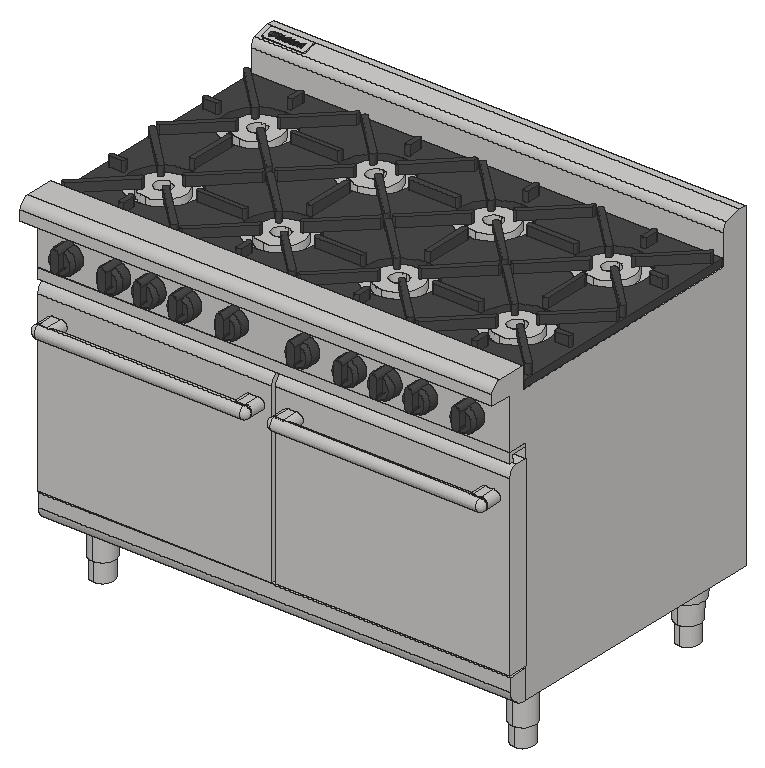
Revit family "QF_MOFFAT WALDORF_RNL8820G", category Specialty Equipment, Revit 2012
Parameters
  Width = 47.24409"
  Weight in Pounds = 302
  URL Cutsheet = "www.moffat.com"
  URL = "www.moffat.com"
  Type Mark [instance] = ""
  Status [instance] = ""
  Specification by User [instance] = ""
  Specification by Manufacturer = ""
  Show Logo [instance] = yes
  Show Clearance [instance] = yes
  Serial Number = ""
  Seismic Rating = ""
  SMACNA No = ""
  Revision Code [instance] = ""
  Omniclass Number and Title = ""
  NAFEM Spec ID Number = ""
  Model = "RNL8820G"
  Mechanical Remarks = ""
  Mechanical Connection Type [instance] = ""
  Masterspec = ""
  Manufacturer = "MOFFAT WALDORF"
  Item Number [instance] = ""
  Installed By [instance] = ""
  Identify Quantity as Lot [instance] = yes
  Height = 38.18898"
  Gas Size = 3/4"
  Gas RI Height [instance] = 0"
  Gas KW [instance] = 75.5
  Gas Input [instance] = 257806.0 Btu/h
  Gas Connection Height = 0"
  Furnished By [instance] = ""
  Foodservice Equipment Identifier [instance] = yes
  Description = "RANGE GAS LOW SPLASHBACK WITH DOUBLE STATIC OVENS"
  Depth = 31.69291"
  CSI MasterFormat = ""
  CSI Master Format = ""
  Body Finish = QF_Finishes_Stainless Steel
Reference planes (in)
  plane 1 "BACK": y = 0
  plane 2: z = 0
  plane 3 "LEFT": x = 0
  plane 4 "RIGHT": x = 47.24409
  plane 5 "FRONT": y = -31.69291
  plane 6 "TOP": z = 38.18898
  plane 7 "Center Y": x = 23.62205
  plane 8 "Center X": y = -15.84646
  plane 9: x = 11.02362
  plane 10: y = -22.60914
  plane 11: x = 2.3622
  plane 12: y = -12.00678
  plane 13: y = -14.36899
  plane 14: x = 2.91339
  plane 15: y = -31.69291
  plane 16: x = 44.66535
  plane 17: y = -1.25984
  plane 18: z = 25.7874
  plane 19: x = 2.57874
  plane 20: x = 2.59055
Forms (in)
  Extrusion 1, solid, material "QF_Finishes_Stainless Steel" <- "Body Finish"
    sketch origin (0, 0, 0) x (0, 1, 0) y (0, 0, 1)
      loop
        line (0, 5.90551) -> (0, 38.18898) -> (-0.64961, 38.18898) -> (-2.31138, 37.74371)
        arc (-2.31138, 37.74371) -> (-2.63679, 37.41829) -> (-2.75591, 36.97376) r 0.88906
        line (-2.75591, 36.97376) -> (-2.75591, 33.92913) -> (-27.91339, 33.92913) -> (-27.91339, 36.02362) -> (-30.74803, 36.02362)
        arc (-30.74803, 36.02362) -> (-31.41616, 35.74687) -> (-31.69291, 35.07874) r 0.94488
        line (-31.69291, 35.07874) -> (-31.69291, 34.09449) -> (-29.48819, 34.09449) -> (-29.48819, 28.98499) -> (-27.43033, 28.98499) -> (-27.43033, 5.90551) -> (0, 5.90551)
      loop
        line (-27.59568, 5.90832) -> (-27.59568, 8.75984) -> (-29.39883, 8.75984) -> (-29.39883, 7.40157)
        arc (-29.39883, 7.40157) -> (-28.79202, 6.29901) -> (-27.59568, 5.90832) r 1.71361
      loop
        line (-29.48819, 27.95276) -> (-29.14268, 27.95276) -> (-29.23674, 28.62202) -> (-27.59568, 28.62202) -> (-27.59568, 28.89776) -> (-29.48819, 28.89776) -> (-29.48819, 27.95276)
    from 0 to 47.24409
  Extrusion 2, solid, material "QF_Finishes_Stainless Steel"
    sketch origin (0, 0, 0) x (0, 1, 0) y (0, 0, 1)
      loop
        line (-27.51969, 27.55906) -> (-28.54331, 27.55906)
        arc (-28.54331, 27.55906) -> (-29.21144, 27.28231) -> (-29.48819, 26.61417) r 0.94488
        line (-29.48819, 26.61417) -> (-29.48819, 8.95669) -> (-27.51969, 8.95669) -> (-27.51969, 27.55906)
    from 0 to 47.24409
  Revolve 3, solid, material "QF_Finishes_Stainless Steel" <- "Body Finish"
    sketch origin (44.66535, -6.49606, 0) x (0, 1, 0) y (0, 0, -1)
      loop
        line (1.30906, -1.9685) -> (1.23692, -4.03417) -> (1.03959, -4.03417) -> (0.87587, -5.90551) -> (2.55906, -5.90551) -> (2.55906, 0) -> (1.47638, 0) -> (1.47638, -1.9685) -> (1.30906, -1.9685)
      axis (2.55906, -5.90551) -> (2.55906, 0)
    angle from 0 to 360
  Revolve 4, solid, material "QF_Finishes_Stainless Steel" <- "Body Finish"
    sketch origin (44.66535, -27.40652, 0) x (0, 1, 0) y (0, 0, -1)
      loop
        line (1.55022, -5.90551) -> (2.80022, -5.90551) -> (2.80022, 0) -> (1.71754, 0) -> (1.71754, -1.9685) -> (1.55022, -1.9685) -> (1.55022, -5.90551)
      axis (2.80022, -5.90551) -> (2.80022, 0)
    angle from 0 to 360
  Revolve 5, solid, material "QF_Finishes_Stainless Steel" <- "Body Finish"
    sketch origin (2.57874, -6.49606, 0) x (0, 1, 0) y (0, 0, 1)
      loop
        line (1.23692, 4.03417) -> (1.30906, 1.9685) -> (1.47638, 1.9685) -> (1.47638, 0) -> (2.55906, 0) -> (2.55906, 5.90551) -> (0.87587, 5.90551) -> (1.03959, 4.03417) -> (1.23692, 4.03417)
      axis (2.55906, 5.90551) -> (2.55906, 0)
    angle from 0 to 360
  Revolve 6, solid, material "QF_Finishes_Stainless Steel" <- "Body Finish"
    sketch origin (2.57874, -27.40652, 0) x (0, 1, 0) y (0, 0, 1)
      loop
        line (1.55022, 5.90551) -> (1.55022, 1.9685) -> (1.71754, 1.9685) -> (1.71754, 0) -> (2.80022, 0) -> (2.80022, 5.90551) -> (1.55022, 5.90551)
      axis (2.80022, 5.90551) -> (2.80022, 0)
    angle from 0 to 360
  Extrusion 7, solid, material "QF_Finishes_Stainless Steel"
    sketch origin (-2.53937, 0, 12.79528) x (1, 0, 0) y (0, 1, 0)
      loop
        circle (44.66535, -1.25984) r 0.3937
    from 12.99213 to 14.75813
  Extrusion 8, solid, material "QF_Finishes_Black"
    sketch origin (0, -2.75591, 33.92913) x (0, -1, 0) y (1, 0, 0)
      loop
        arc (0.03937, 0.15748) -> (0.07396, 0.07396) -> (0.15748, 0.03937) r 0.11811
        line (0.15748, 0.03937) -> (24.84252, 0.03937)
        arc (24.84252, 0.03937) -> (24.92604, 0.07396) -> (24.96063, 0.15748) r 0.11811
        line (24.96063, 0.15748) -> (24.96063, 47.12598)
        arc (24.96063, 47.12598) -> (24.92604, 47.2095) -> (24.84252, 47.24409) r 0.11811
        line (24.84252, 47.24409) -> (0.15748, 47.24409)
        arc (0.15748, 47.24409) -> (0.07396, 47.2095) -> (0.03937, 47.12598) r 0.11811
        line (0.03937, 47.12598) -> (0.03937, 0.15748)
      loop
        circle (6.59449, 5.90551) r 3.34646
      loop
        circle (6.59449, 17.71654) r 3.34646
      loop
        circle (18.41606, 5.90551) r 3.34646
      loop
        circle (18.41606, 17.71654) r 3.34646
      loop
        circle (6.59449, 29.52756) r 3.34646
      loop
        circle (18.41606, 29.52756) r 3.34646
      loop
        circle (6.59449, 41.33858) r 3.34646
      loop
        circle (18.41606, 41.33858) r 3.34646
    from 0 to 0.76772
  Extrusion 9, solid, material "QF_Finishes_Black"
    sketch origin (0, -2.75591, 34.69685) x (0, -1, 0) y (1, 0, 0)
      loop
        spline (12.74025, 0.59659) -> (12.70398, 0.54818) -> (12.68233, 0.49093) -> (12.67677, 0.42874) -> (12.68767, 0.36584) -> (12.7143, 0.30653) -> (12.75484, 0.25484) -> (12.80653, 0.2143) -> (12.86584, 0.18767) -> (12.92874, 0.17677) -> (12.99093, 0.18233) -> (13.04818, 0.20398) -> (13.09659, 0.24025)
        line (13.09659, 0.24025) -> (17.34552, 4.48918)
        spline (17.34552, 4.48918) -> (17.37548, 4.53128) -> (17.39125, 4.58265) -> (17.39176, 4.63979) -> (17.37698, 4.69881) -> (17.34792, 4.75569) -> (17.30655, 4.80655) -> (17.25569, 4.84792) -> (17.19881, 4.87698) -> (17.13979, 4.89176) -> (17.08265, 4.89125) -> (17.03128, 4.87548) -> (16.98918, 4.84552)
        line (16.98918, 4.84552) -> (12.74025, 0.59659)
      loop
        line (24.07078, 0.59659) -> (19.82184, 4.84552)
        spline (19.82184, 4.84552) -> (19.77974, 4.87548) -> (19.72837, 4.89125) -> (19.67123, 4.89176) -> (19.61221, 4.87698) -> (19.55533, 4.84792) -> (19.50448, 4.80655) -> (19.46311, 4.75569) -> (19.43404, 4.69881) -> (19.41926, 4.63979) -> (19.41977, 4.58265) -> (19.43555, 4.53128) -> (19.4655, 4.48918)
        line (19.4655, 4.48918) -> (23.71444, 0.24025)
        spline (23.71444, 0.24025) -> (23.75654, 0.21029) -> (23.80791, 0.19452) -> (23.86505, 0.19401) -> (23.92407, 0.20879) -> (23.98094, 0.23785) -> (24.0318, 0.27922) -> (24.07317, 0.33008) -> (24.10224, 0.38696) -> (24.11702, 0.44598) -> (24.1165, 0.50312) -> (24.10073, 0.55449) -> (24.07078, 0.59659)
      loop
        spline (14.78748, 5.65354) -> (14.83843, 5.66213) -> (14.88591, 5.6873) -> (14.92668, 5.72734) -> (14.95796, 5.77953) -> (14.97763, 5.8403) -> (14.98433, 5.90551) -> (14.97763, 5.97073) -> (14.95796, 6.0315) -> (14.92668, 6.08368) -> (14.88591, 6.12372) -> (14.83843, 6.14889) -> (14.78748, 6.15748)
        line (14.78748, 6.15748) -> (10.21252, 6.15748)
        spline (10.21252, 6.15748) -> (10.16157, 6.14889) -> (10.11409, 6.12372) -> (10.07332, 6.08368) -> (10.04204, 6.0315) -> (10.02237, 5.97073) -> (10.01567, 5.90551) -> (10.02237, 5.8403) -> (10.04204, 5.77953) -> (10.07332, 5.72734) -> (10.11409, 5.6873) -> (10.16157, 5.66213) -> (10.21252, 5.65354)
        line (10.21252, 5.65354) -> (14.78748, 5.65354)
      loop
        spline (0.92922, 0.59659) -> (0.89296, 0.54818) -> (0.87131, 0.49093) -> (0.86575, 0.42874) -> (0.87665, 0.36584) -> (0.90328, 0.30653) -> (0.94382, 0.25484) -> (0.99551, 0.2143) -> (1.05482, 0.18767) -> (1.11771, 0.17677) -> (1.17991, 0.18233) -> (1.23716, 0.20398) -> (1.28556, 0.24025)
        line (1.28556, 0.24025) -> (5.5345, 4.48918)
        spline (5.5345, 4.48918) -> (5.56445, 4.53128) -> (5.58023, 4.58265) -> (5.58074, 4.63979) -> (5.56596, 4.69881) -> (5.53689, 4.75569) -> (5.49552, 4.80655) -> (5.44467, 4.84792) -> (5.38779, 4.87698) -> (5.32877, 4.89176) -> (5.27163, 4.89125) -> (5.22026, 4.87548) -> (5.17816, 4.84552)
        line (5.17816, 4.84552) -> (0.92922, 0.59659)
      loop
        line (12.25975, 0.59659) -> (8.01082, 4.84552)
        spline (8.01082, 4.84552) -> (7.96872, 4.87548) -> (7.91735, 4.89125) -> (7.86021, 4.89176) -> (7.80119, 4.87698) -> (7.74431, 4.84792) -> (7.69345, 4.80655) -> (7.65208, 4.75569) -> (7.62302, 4.69881) -> (7.60824, 4.63979) -> (7.60875, 4.58265) -> (7.62452, 4.53128) -> (7.65448, 4.48918)
        line (7.65448, 4.48918) -> (11.90341, 0.24025)
        spline (11.90341, 0.24025) -> (11.94551, 0.21029) -> (11.99688, 0.19452) -> (12.05402, 0.19401) -> (12.11304, 0.20879) -> (12.16992, 0.23785) -> (12.22078, 0.27922) -> (12.26215, 0.33008) -> (12.29121, 0.38696) -> (12.30599, 0.44598) -> (12.30548, 0.50312) -> (12.28971, 0.55449) -> (12.25975, 0.59659)
      loop
        line (12.74025, 11.21444) -> (16.98918, 6.9655)
        spline (16.98918, 6.9655) -> (17.03128, 6.93555) -> (17.08265, 6.91977) -> (17.13979, 6.91926) -> (17.19881, 6.93404) -> (17.25569, 6.96311) -> (17.30655, 7.00448) -> (17.34792, 7.05533) -> (17.37698, 7.11221) -> (17.39176, 7.17123) -> (17.39125, 7.22837) -> (17.37548, 7.27974) -> (17.34552, 7.32184)
        line (17.34552, 7.32184) -> (13.09659, 11.57078)
        spline (13.09659, 11.57078) -> (13.04818, 11.60704) -> (12.99093, 11.62869) -> (12.92874, 11.63425) -> (12.86584, 11.62335) -> (12.80653, 11.59672) -> (12.75484, 11.55618) -> (12.7143, 11.50449) -> (12.68767, 11.44518) -> (12.67677, 11.38229) -> (12.68233, 11.32009) -> (12.70398, 11.26284) -> (12.74025, 11.21444)
      loop
        spline (24.07078, 11.21444) -> (24.10073, 11.25654) -> (24.1165, 11.30791) -> (24.11702, 11.36505) -> (24.10224, 11.42407) -> (24.07317, 11.48094) -> (24.0318, 11.5318) -> (23.98094, 11.57317) -> (23.92407, 11.60224) -> (23.86505, 11.61702) -> (23.80791, 11.6165) -> (23.75654, 11.60073) -> (23.71444, 11.57078)
        line (23.71444, 11.57078) -> (19.4655, 7.32184)
        spline (19.4655, 7.32184) -> (19.43555, 7.27974) -> (19.41977, 7.22837) -> (19.41926, 7.17123) -> (19.43404, 7.11221) -> (19.46311, 7.05533) -> (19.50448, 7.00448) -> (19.55533, 6.96311) -> (19.61221, 6.93404) -> (19.67123, 6.91926) -> (19.72837, 6.91977) -> (19.77974, 6.93555) -> (19.82184, 6.9655)
        line (19.82184, 6.9655) -> (24.07078, 11.21444)
      loop
        spline (18.15354, 9.52354) -> (18.16213, 9.47259) -> (18.1873, 9.42512) -> (18.22734, 9.38435) -> (18.27953, 9.35306) -> (18.3403, 9.3334) -> (18.40551, 9.32669) -> (18.47073, 9.3334) -> (18.5315, 9.35306) -> (18.58368, 9.38435) -> (18.62372, 9.42512) -> (18.64889, 9.47259) -> (18.65748, 9.52354)
        line (18.65748, 9.52354) -> (18.65748, 14.09851)
        spline (18.65748, 14.09851) -> (18.64889, 14.14946) -> (18.62372, 14.19693) -> (18.58368, 14.2377) -> (18.5315, 14.26898) -> (18.47073, 14.28865) -> (18.40551, 14.29536) -> (18.3403, 14.28865) -> (18.27953, 14.26898) -> (18.22734, 14.2377) -> (18.1873, 14.19693) -> (18.16213, 14.14946) -> (18.15354, 14.09851)
        line (18.15354, 14.09851) -> (18.15354, 9.52354)
      loop
        line (0.92922, 11.21444) -> (5.17816, 6.9655)
        spline (5.17816, 6.9655) -> (5.22026, 6.93555) -> (5.27163, 6.91977) -> (5.32877, 6.91926) -> (5.38779, 6.93404) -> (5.44467, 6.96311) -> (5.49552, 7.00448) -> (5.53689, 7.05533) -> (5.56596, 7.11221) -> (5.58074, 7.17123) -> (5.58023, 7.22837) -> (5.56445, 7.27974) -> (5.5345, 7.32184)
        line (5.5345, 7.32184) -> (1.28556, 11.57078)
        spline (1.28556, 11.57078) -> (1.23716, 11.60704) -> (1.17991, 11.62869) -> (1.11771, 11.63425) -> (1.05482, 11.62335) -> (0.99551, 11.59672) -> (0.94382, 11.55618) -> (0.90328, 11.50449) -> (0.87665, 11.44518) -> (0.86575, 11.38229) -> (0.87131, 11.32009) -> (0.89296, 11.26284) -> (0.92922, 11.21444)
      loop
        spline (12.25975, 11.21444) -> (12.28971, 11.25654) -> (12.30548, 11.30791) -> (12.30599, 11.36505) -> (12.29121, 11.42407) -> (12.26215, 11.48094) -> (12.22078, 11.5318) -> (12.16992, 11.57317) -> (12.11304, 11.60224) -> (12.05402, 11.61702) -> (11.99688, 11.6165) -> (11.94551, 11.60073) -> (11.90341, 11.57078)
        line (11.90341, 11.57078) -> (7.65448, 7.32184)
        spline (7.65448, 7.32184) -> (7.62452, 7.27974) -> (7.60875, 7.22837) -> (7.60824, 7.17123) -> (7.62302, 7.11221) -> (7.65208, 7.05533) -> (7.69345, 7.00448) -> (7.74431, 6.96311) -> (7.80119, 6.93404) -> (7.86021, 6.91926) -> (7.91735, 6.91977) -> (7.96872, 6.93555) -> (8.01082, 6.9655)
        line (8.01082, 6.9655) -> (12.25975, 11.21444)
      loop
        spline (6.34252, 9.52354) -> (6.35111, 9.47259) -> (6.37628, 9.42512) -> (6.41632, 9.38435) -> (6.4685, 9.35306) -> (6.52927, 9.3334) -> (6.59449, 9.32669) -> (6.6597, 9.3334) -> (6.72047, 9.35306) -> (6.77266, 9.38435) -> (6.8127, 9.42512) -> (6.83787, 9.47259) -> (6.84646, 9.52354)
        line (6.84646, 9.52354) -> (6.84646, 14.09851)
        spline (6.84646, 14.09851) -> (6.83787, 14.14946) -> (6.8127, 14.19693) -> (6.77266, 14.2377) -> (6.72047, 14.26898) -> (6.6597, 14.28865) -> (6.59449, 14.29536) -> (6.52927, 14.28865) -> (6.4685, 14.26898) -> (6.41632, 14.2377) -> (6.37628, 14.19693) -> (6.35111, 14.14946) -> (6.34252, 14.09851)
        line (6.34252, 14.09851) -> (6.34252, 9.52354)
      loop
        line (14.78748, 17.9685) -> (10.21252, 17.9685)
        spline (10.21252, 17.9685) -> (10.16157, 17.95992) -> (10.11409, 17.93475) -> (10.07332, 17.8947) -> (10.04204, 17.84252) -> (10.02237, 17.78175) -> (10.01567, 17.71654) -> (10.02237, 17.65132) -> (10.04204, 17.59055) -> (10.07332, 17.53837) -> (10.11409, 17.49832) -> (10.16157, 17.47315) -> (10.21252, 17.46457)
        line (10.21252, 17.46457) -> (14.78748, 17.46457)
        spline (14.78748, 17.46457) -> (14.83843, 17.47315) -> (14.88591, 17.49832) -> (14.92668, 17.53837) -> (14.95796, 17.59055) -> (14.97763, 17.65132) -> (14.98433, 17.71654) -> (14.97763, 17.78175) -> (14.95796, 17.84252) -> (14.92668, 17.8947) -> (14.88591, 17.93475) -> (14.83843, 17.95992) -> (14.78748, 17.9685)
      loop
        spline (12.74025, 12.40761) -> (12.70398, 12.3592) -> (12.68233, 12.30195) -> (12.67677, 12.23976) -> (12.68767, 12.17687) -> (12.7143, 12.11755) -> (12.75484, 12.06587) -> (12.80653, 12.02533) -> (12.86584, 11.9987) -> (12.92874, 11.98779) -> (12.99093, 11.99336) -> (13.04818, 12.01501) -> (13.09659, 12.05127)
        line (13.09659, 12.05127) -> (17.34552, 16.30021)
        spline (17.34552, 16.30021) -> (17.37548, 16.34231) -> (17.39125, 16.39368) -> (17.39176, 16.45082) -> (17.37698, 16.50984) -> (17.34792, 16.56671) -> (17.30655, 16.61757) -> (17.25569, 16.65894) -> (17.19881, 16.68801) -> (17.13979, 16.70279) -> (17.08265, 16.70227) -> (17.03128, 16.6865) -> (16.98918, 16.65655)
        line (16.98918, 16.65655) -> (12.74025, 12.40761)
      loop
        line (24.07078, 12.40761) -> (19.82184, 16.65655)
        spline (19.82184, 16.65655) -> (19.77974, 16.6865) -> (19.72837, 16.70227) -> (19.67123, 16.70279) -> (19.61221, 16.68801) -> (19.55533, 16.65894) -> (19.50448, 16.61757) -> (19.46311, 16.56671) -> (19.43404, 16.50984) -> (19.41926, 16.45082) -> (19.41977, 16.39368) -> (19.43555, 16.34231) -> (19.4655, 16.30021)
        line (19.4655, 16.30021) -> (23.71444, 12.05127)
        spline (23.71444, 12.05127) -> (23.75654, 12.02132) -> (23.80791, 12.00554) -> (23.86505, 12.00503) -> (23.92407, 12.01981) -> (23.98094, 12.04888) -> (24.0318, 12.09025) -> (24.07317, 12.1411) -> (24.10224, 12.19798) -> (24.11702, 12.257) -> (24.1165, 12.31414) -> (24.10073, 12.36551) -> (24.07078, 12.40761)
      loop
        spline (0.92922, 12.40761) -> (0.89296, 12.3592) -> (0.87131, 12.30195) -> (0.86575, 12.23976) -> (0.87665, 12.17687) -> (0.90328, 12.11755) -> (0.94382, 12.06587) -> (0.99551, 12.02533) -> (1.05482, 11.9987) -> (1.11771, 11.98779) -> (1.17991, 11.99336) -> (1.23716, 12.01501) -> (1.28556, 12.05127)
        line (1.28556, 12.05127) -> (5.5345, 16.30021)
        spline (5.5345, 16.30021) -> (5.56445, 16.34231) -> (5.58023, 16.39368) -> (5.58074, 16.45082) -> (5.56596, 16.50984) -> (5.53689, 16.56671) -> (5.49552, 16.61757) -> (5.44467, 16.65894) -> (5.38779, 16.68801) -> (5.32877, 16.70279) -> (5.27163, 16.70227) -> (5.22026, 16.6865) -> (5.17816, 16.65655)
        line (5.17816, 16.65655) -> (0.92922, 12.40761)
      loop
        line (12.25975, 12.40761) -> (8.01082, 16.65655)
        spline (8.01082, 16.65655) -> (7.96872, 16.6865) -> (7.91735, 16.70227) -> (7.86021, 16.70279) -> (7.80119, 16.68801) -> (7.74431, 16.65894) -> (7.69345, 16.61757) -> (7.65208, 16.56671) -> (7.62302, 16.50984) -> (7.60824, 16.45082) -> (7.60875, 16.39368) -> (7.62452, 16.34231) -> (7.65448, 16.30021)
        line (7.65448, 16.30021) -> (11.90341, 12.05127)
        spline (11.90341, 12.05127) -> (11.94551, 12.02132) -> (11.99688, 12.00554) -> (12.05402, 12.00503) -> (12.11304, 12.01981) -> (12.16992, 12.04888) -> (12.22078, 12.09025) -> (12.26215, 12.1411) -> (12.29121, 12.19798) -> (12.30599, 12.257) -> (12.30548, 12.31414) -> (12.28971, 12.36551) -> (12.25975, 12.40761)
      loop
        line (12.74025, 23.02546) -> (16.98918, 18.77653)
        spline (16.98918, 18.77653) -> (17.03128, 18.74657) -> (17.08265, 18.7308) -> (17.13979, 18.73028) -> (17.19881, 18.74506) -> (17.25569, 18.77413) -> (17.30655, 18.8155) -> (17.34792, 18.86636) -> (17.37698, 18.92323) -> (17.39176, 18.98225) -> (17.39125, 19.0394) -> (17.37548, 19.09077) -> (17.34552, 19.13286)
        line (17.34552, 19.13286) -> (13.09659, 23.3818)
        spline (13.09659, 23.3818) -> (13.04818, 23.41806) -> (12.99093, 23.43972) -> (12.92874, 23.44528) -> (12.86584, 23.43437) -> (12.80653, 23.40774) -> (12.75484, 23.3672) -> (12.7143, 23.31552) -> (12.68767, 23.2562) -> (12.67677, 23.19331) -> (12.68233, 23.13112) -> (12.70398, 23.07387) -> (12.74025, 23.02546)
      loop
        spline (24.07078, 23.02546) -> (24.10073, 23.06756) -> (24.1165, 23.11893) -> (24.11702, 23.17607) -> (24.10224, 23.23509) -> (24.07317, 23.29197) -> (24.0318, 23.34282) -> (23.98094, 23.3842) -> (23.92407, 23.41326) -> (23.86505, 23.42804) -> (23.80791, 23.42753) -> (23.75654, 23.41175) -> (23.71444, 23.3818)
        line (23.71444, 23.3818) -> (19.4655, 19.13286)
        spline (19.4655, 19.13286) -> (19.43555, 19.09077) -> (19.41977, 19.0394) -> (19.41926, 18.98225) -> (19.43404, 18.92323) -> (19.46311, 18.86636) -> (19.50448, 18.8155) -> (19.55533, 18.77413) -> (19.61221, 18.74506) -> (19.67123, 18.73028) -> (19.72837, 18.7308) -> (19.77974, 18.74657) -> (19.82184, 18.77653)
        line (19.82184, 18.77653) -> (24.07078, 23.02546)
      loop
        line (0.92922, 23.02546) -> (5.17816, 18.77653)
        spline (5.17816, 18.77653) -> (5.22026, 18.74657) -> (5.27163, 18.7308) -> (5.32877, 18.73028) -> (5.38779, 18.74506) -> (5.44467, 18.77413) -> (5.49552, 18.8155) -> (5.53689, 18.86636) -> (5.56596, 18.92323) -> (5.58074, 18.98225) -> (5.58023, 19.0394) -> (5.56445, 19.09077) -> (5.5345, 19.13286)
        line (5.5345, 19.13286) -> (1.28556, 23.3818)
        spline (1.28556, 23.3818) -> (1.23716, 23.41806) -> (1.17991, 23.43972) -> (1.11771, 23.44528) -> (1.05482, 23.43437) -> (0.99551, 23.40774) -> (0.94382, 23.3672) -> (0.90328, 23.31552) -> (0.87665, 23.2562) -> (0.86575, 23.19331) -> (0.87131, 23.13112) -> (0.89296, 23.07387) -> (0.92922, 23.02546)
      loop
        spline (12.25975, 23.02546) -> (12.28971, 23.06756) -> (12.30548, 23.11893) -> (12.30599, 23.17607) -> (12.29121, 23.23509) -> (12.26215, 23.29197) -> (12.22078, 23.34282) -> (12.16992, 23.3842) -> (12.11304, 23.41326) -> (12.05402, 23.42804) -> (11.99688, 23.42753) -> (11.94551, 23.41175) -> (11.90341, 23.3818)
        line (11.90341, 23.3818) -> (7.65448, 19.13286)
        spline (7.65448, 19.13286) -> (7.62452, 19.09077) -> (7.60875, 19.0394) -> (7.60824, 18.98225) -> (7.62302, 18.92323) -> (7.65208, 18.86636) -> (7.69345, 18.8155) -> (7.74431, 18.77413) -> (7.80119, 18.74506) -> (7.86021, 18.73028) -> (7.91735, 18.7308) -> (7.96872, 18.74657) -> (8.01082, 18.77653)
        line (8.01082, 18.77653) -> (12.25975, 23.02546)
      loop
        spline (18.15354, 21.33456) -> (18.16213, 21.28362) -> (18.1873, 21.23614) -> (18.22734, 21.19537) -> (18.27953, 21.16409) -> (18.3403, 21.14442) -> (18.40551, 21.13771) -> (18.47073, 21.14442) -> (18.5315, 21.16409) -> (18.58368, 21.19537) -> (18.62372, 21.23614) -> (18.64889, 21.28362) -> (18.65748, 21.33456)
        line (18.65748, 21.33456) -> (18.65748, 25.90953)
        spline (18.65748, 25.90953) -> (18.64889, 25.96048) -> (18.62372, 26.00796) -> (18.58368, 26.04872) -> (18.5315, 26.08001) -> (18.47073, 26.09967) -> (18.40551, 26.10638) -> (18.3403, 26.09967) -> (18.27953, 26.08001) -> (18.22734, 26.04872) -> (18.1873, 26.00796) -> (18.16213, 25.96048) -> (18.15354, 25.90953)
        line (18.15354, 25.90953) -> (18.15354, 21.33456)
      loop
        spline (6.34252, 21.33456) -> (6.35111, 21.28362) -> (6.37628, 21.23614) -> (6.41632, 21.19537) -> (6.4685, 21.16409) -> (6.52927, 21.14442) -> (6.59449, 21.13771) -> (6.6597, 21.14442) -> (6.72047, 21.16409) -> (6.77266, 21.19537) -> (6.8127, 21.23614) -> (6.83787, 21.28362) -> (6.84646, 21.33456)
        line (6.84646, 21.33456) -> (6.84646, 25.90953)
        spline (6.84646, 25.90953) -> (6.83787, 25.96048) -> (6.8127, 26.00796) -> (6.77266, 26.04872) -> (6.72047, 26.08001) -> (6.6597, 26.09967) -> (6.59449, 26.10638) -> (6.52927, 26.09967) -> (6.4685, 26.08001) -> (6.41632, 26.04872) -> (6.37628, 26.00796) -> (6.35111, 25.96048) -> (6.34252, 25.90953)
        line (6.34252, 25.90953) -> (6.34252, 21.33456)
      loop
        line (14.78748, 29.77953) -> (10.21252, 29.77953)
        spline (10.21252, 29.77953) -> (10.16157, 29.77094) -> (10.11409, 29.74577) -> (10.07332, 29.70573) -> (10.04204, 29.65354) -> (10.02237, 29.59277) -> (10.01567, 29.52756) -> (10.02237, 29.46234) -> (10.04204, 29.40157) -> (10.07332, 29.34939) -> (10.11409, 29.30935) -> (10.16157, 29.28418) -> (10.21252, 29.27559)
        line (10.21252, 29.27559) -> (14.78748, 29.27559)
        spline (14.78748, 29.27559) -> (14.83843, 29.28418) -> (14.88591, 29.30935) -> (14.92668, 29.34939) -> (14.95796, 29.40157) -> (14.97763, 29.46234) -> (14.98433, 29.52756) -> (14.97763, 29.59277) -> (14.95796, 29.65354) -> (14.92668, 29.70573) -> (14.88591, 29.74577) -> (14.83843, 29.77094) -> (14.78748, 29.77953)
      loop
        spline (12.74025, 24.21863) -> (12.70398, 24.17023) -> (12.68233, 24.11298) -> (12.67677, 24.05078) -> (12.68767, 23.98789) -> (12.7143, 23.92858) -> (12.75484, 23.87689) -> (12.80653, 23.83635) -> (12.86584, 23.80972) -> (12.92874, 23.79882) -> (12.99093, 23.80438) -> (13.04818, 23.82603) -> (13.09659, 23.8623)
        line (13.09659, 23.8623) -> (17.34552, 28.11123)
        spline (17.34552, 28.11123) -> (17.37548, 28.15333) -> (17.39125, 28.2047) -> (17.39176, 28.26184) -> (17.37698, 28.32086) -> (17.34792, 28.37774) -> (17.30655, 28.42859) -> (17.25569, 28.46997) -> (17.19881, 28.49903) -> (17.13979, 28.51381) -> (17.08265, 28.5133) -> (17.03128, 28.49752) -> (16.98918, 28.46757)
        line (16.98918, 28.46757) -> (12.74025, 24.21863)
      loop
        line (24.07078, 24.21863) -> (19.82184, 28.46757)
        spline (19.82184, 28.46757) -> (19.77974, 28.49752) -> (19.72837, 28.5133) -> (19.67123, 28.51381) -> (19.61221, 28.49903) -> (19.55533, 28.46997) -> (19.50448, 28.42859) -> (19.46311, 28.37774) -> (19.43404, 28.32086) -> (19.41926, 28.26184) -> (19.41977, 28.2047) -> (19.43555, 28.15333) -> (19.4655, 28.11123)
        line (19.4655, 28.11123) -> (23.71444, 23.8623)
        spline (23.71444, 23.8623) -> (23.75654, 23.83234) -> (23.80791, 23.81657) -> (23.86505, 23.81605) -> (23.92407, 23.83083) -> (23.98094, 23.8599) -> (24.0318, 23.90127) -> (24.07317, 23.95213) -> (24.10224, 24.009) -> (24.11702, 24.06802) -> (24.1165, 24.12517) -> (24.10073, 24.17654) -> (24.07078, 24.21863)
      loop
        spline (0.92922, 24.21863) -> (0.89296, 24.17023) -> (0.87131, 24.11298) -> (0.86575, 24.05078) -> (0.87665, 23.98789) -> (0.90328, 23.92858) -> (0.94382, 23.87689) -> (0.99551, 23.83635) -> (1.05482, 23.80972) -> (1.11771, 23.79882) -> (1.17991, 23.80438) -> (1.23716, 23.82603) -> (1.28556, 23.8623)
        line (1.28556, 23.8623) -> (5.5345, 28.11123)
        spline (5.5345, 28.11123) -> (5.56445, 28.15333) -> (5.58023, 28.2047) -> (5.58074, 28.26184) -> (5.56596, 28.32086) -> (5.53689, 28.37774) -> (5.49552, 28.42859) -> (5.44467, 28.46997) -> (5.38779, 28.49903) -> (5.32877, 28.51381) -> (5.27163, 28.5133) -> (5.22026, 28.49752) -> (5.17816, 28.46757)
        line (5.17816, 28.46757) -> (0.92922, 24.21863)
      loop
        line (12.25975, 24.21863) -> (8.01082, 28.46757)
        spline (8.01082, 28.46757) -> (7.96872, 28.49752) -> (7.91735, 28.5133) -> (7.86021, 28.51381) -> (7.80119, 28.49903) -> (7.74431, 28.46997) -> (7.69345, 28.42859) -> (7.65208, 28.37774) -> (7.62302, 28.32086) -> (7.60824, 28.26184) -> (7.60875, 28.2047) -> (7.62452, 28.15333) -> (7.65448, 28.11123)
        line (7.65448, 28.11123) -> (11.90341, 23.8623)
        spline (11.90341, 23.8623) -> (11.94551, 23.83234) -> (11.99688, 23.81657) -> (12.05402, 23.81605) -> (12.11304, 23.83083) -> (12.16992, 23.8599) -> (12.22078, 23.90127) -> (12.26215, 23.95213) -> (12.29121, 24.009) -> (12.30599, 24.06802) -> (12.30548, 24.12517) -> (12.28971, 24.17654) -> (12.25975, 24.21863)
      loop
        line (12.74025, 34.83649) -> (16.98918, 30.58755)
        spline (16.98918, 30.58755) -> (17.03128, 30.55759) -> (17.08265, 30.54182) -> (17.13979, 30.54131) -> (17.19881, 30.55609) -> (17.25569, 30.58515) -> (17.30655, 30.62652) -> (17.34792, 30.67738) -> (17.37698, 30.73426) -> (17.39176, 30.79328) -> (17.39125, 30.85042) -> (17.37548, 30.90179) -> (17.34552, 30.94389)
        line (17.34552, 30.94389) -> (13.09659, 35.19282)
        spline (13.09659, 35.19282) -> (13.04818, 35.22909) -> (12.99093, 35.25074) -> (12.92874, 35.2563) -> (12.86584, 35.2454) -> (12.80653, 35.21877) -> (12.75484, 35.17823) -> (12.7143, 35.12654) -> (12.68767, 35.06723) -> (12.67677, 35.00433) -> (12.68233, 34.94214) -> (12.70398, 34.88489) -> (12.74025, 34.83649)
      loop
        spline (24.07078, 34.83649) -> (24.10073, 34.87858) -> (24.1165, 34.92995) -> (24.11702, 34.98709) -> (24.10224, 35.04612) -> (24.07317, 35.10299) -> (24.0318, 35.15385) -> (23.98094, 35.19522) -> (23.92407, 35.22428) -> (23.86505, 35.23906) -> (23.80791, 35.23855) -> (23.75654, 35.22278) -> (23.71444, 35.19282)
        line (23.71444, 35.19282) -> (19.4655, 30.94389)
        spline (19.4655, 30.94389) -> (19.43555, 30.90179) -> (19.41977, 30.85042) -> (19.41926, 30.79328) -> (19.43404, 30.73426) -> (19.46311, 30.67738) -> (19.50448, 30.62652) -> (19.55533, 30.58515) -> (19.61221, 30.55609) -> (19.67123, 30.54131) -> (19.72837, 30.54182) -> (19.77974, 30.55759) -> (19.82184, 30.58755)
        line (19.82184, 30.58755) -> (24.07078, 34.83649)
      loop
        line (0.92922, 34.83649) -> (5.17816, 30.58755)
        spline (5.17816, 30.58755) -> (5.22026, 30.55759) -> (5.27163, 30.54182) -> (5.32877, 30.54131) -> (5.38779, 30.55609) -> (5.44467, 30.58515) -> (5.49552, 30.62652) -> (5.53689, 30.67738) -> (5.56596, 30.73426) -> (5.58074, 30.79328) -> (5.58023, 30.85042) -> (5.56445, 30.90179) -> (5.5345, 30.94389)
        line (5.5345, 30.94389) -> (1.28556, 35.19282)
        spline (1.28556, 35.19282) -> (1.23716, 35.22909) -> (1.17991, 35.25074) -> (1.11771, 35.2563) -> (1.05482, 35.2454) -> (0.99551, 35.21877) -> (0.94382, 35.17823) -> (0.90328, 35.12654) -> (0.87665, 35.06723) -> (0.86575, 35.00433) -> (0.87131, 34.94214) -> (0.89296, 34.88489) -> (0.92922, 34.83649)
      loop
        spline (12.25975, 34.83649) -> (12.28971, 34.87858) -> (12.30548, 34.92995) -> (12.30599, 34.98709) -> (12.29121, 35.04612) -> (12.26215, 35.10299) -> (12.22078, 35.15385) -> (12.16992, 35.19522) -> (12.11304, 35.22428) -> (12.05402, 35.23906) -> (11.99688, 35.23855) -> (11.94551, 35.22278) -> (11.90341, 35.19282)
        line (11.90341, 35.19282) -> (7.65448, 30.94389)
        spline (7.65448, 30.94389) -> (7.62452, 30.90179) -> (7.60875, 30.85042) -> (7.60824, 30.79328) -> (7.62302, 30.73426) -> (7.65208, 30.67738) -> (7.69345, 30.62652) -> (7.74431, 30.58515) -> (7.80119, 30.55609) -> (7.86021, 30.54131) -> (7.91735, 30.54182) -> (7.96872, 30.55759) -> (8.01082, 30.58755)
        line (8.01082, 30.58755) -> (12.25975, 34.83649)
      loop
        line (12.74025, 46.64751) -> (16.98918, 42.39857)
        spline (16.98918, 42.39857) -> (17.03128, 42.36862) -> (17.08265, 42.35285) -> (17.13979, 42.35233) -> (17.19881, 42.36711) -> (17.25569, 42.39618) -> (17.30655, 42.43755) -> (17.34792, 42.4884) -> (17.37698, 42.54528) -> (17.39176, 42.6043) -> (17.39125, 42.66144) -> (17.37548, 42.71281) -> (17.34552, 42.75491)
        line (17.34552, 42.75491) -> (13.09659, 47.00385)
        spline (13.09659, 47.00385) -> (13.04818, 47.04011) -> (12.99093, 47.06176) -> (12.92874, 47.06733) -> (12.86584, 47.05642) -> (12.80653, 47.02979) -> (12.75484, 46.98925) -> (12.7143, 46.93756) -> (12.68767, 46.87825) -> (12.67677, 46.81536) -> (12.68233, 46.75317) -> (12.70398, 46.69592) -> (12.74025, 46.64751)
      loop
        spline (24.07078, 46.64751) -> (24.10073, 46.68961) -> (24.1165, 46.74098) -> (24.11702, 46.79812) -> (24.10224, 46.85714) -> (24.07317, 46.91402) -> (24.0318, 46.96487) -> (23.98094, 47.00624) -> (23.92407, 47.03531) -> (23.86505, 47.05009) -> (23.80791, 47.04957) -> (23.75654, 47.0338) -> (23.71444, 47.00385)
        line (23.71444, 47.00385) -> (19.4655, 42.75491)
        spline (19.4655, 42.75491) -> (19.43555, 42.71281) -> (19.41977, 42.66144) -> (19.41926, 42.6043) -> (19.43404, 42.54528) -> (19.46311, 42.4884) -> (19.50448, 42.43755) -> (19.55533, 42.39618) -> (19.61221, 42.36711) -> (19.67123, 42.35233) -> (19.72837, 42.35285) -> (19.77974, 42.36862) -> (19.82184, 42.39857)
        line (19.82184, 42.39857) -> (24.07078, 46.64751)
      loop
        line (14.78748, 41.59055) -> (10.21252, 41.59055)
        spline (10.21252, 41.59055) -> (10.16157, 41.58197) -> (10.11409, 41.55679) -> (10.07332, 41.51675) -> (10.04204, 41.46457) -> (10.02237, 41.4038) -> (10.01567, 41.33858) -> (10.02237, 41.27337) -> (10.04204, 41.2126) -> (10.07332, 41.16041) -> (10.11409, 41.12037) -> (10.16157, 41.0952) -> (10.21252, 41.08661)
        line (10.21252, 41.08661) -> (14.78748, 41.08661)
        spline (14.78748, 41.08661) -> (14.83843, 41.0952) -> (14.88591, 41.12037) -> (14.92668, 41.16041) -> (14.95796, 41.2126) -> (14.97763, 41.27337) -> (14.98433, 41.33858) -> (14.97763, 41.4038) -> (14.95796, 41.46457) -> (14.92668, 41.51675) -> (14.88591, 41.55679) -> (14.83843, 41.58197) -> (14.78748, 41.59055)
      loop
        line (0.92922, 46.64751) -> (5.17816, 42.39857)
        spline (5.17816, 42.39857) -> (5.22026, 42.36862) -> (5.27163, 42.35285) -> (5.32877, 42.35233) -> (5.38779, 42.36711) -> (5.44467, 42.39618) -> (5.49552, 42.43755) -> (5.53689, 42.4884) -> (5.56596, 42.54528) -> (5.58074, 42.6043) -> (5.58023, 42.66144) -> (5.56445, 42.71281) -> (5.5345, 42.75491)
        line (5.5345, 42.75491) -> (1.28556, 47.00385)
        spline (1.28556, 47.00385) -> (1.23716, 47.04011) -> (1.17991, 47.06176) -> (1.11771, 47.06733) -> (1.05482, 47.05642) -> (0.99551, 47.02979) -> (0.94382, 46.98925) -> (0.90328, 46.93756) -> (0.87665, 46.87825) -> (0.86575, 46.81536) -> (0.87131, 46.75317) -> (0.89296, 46.69592) -> (0.92922, 46.64751)
      loop
        spline (12.25975, 46.64751) -> (12.28971, 46.68961) -> (12.30548, 46.74098) -> (12.30599, 46.79812) -> (12.29121, 46.85714) -> (12.26215, 46.91402) -> (12.22078, 46.96487) -> (12.16992, 47.00624) -> (12.11304, 47.03531) -> (12.05402, 47.05009) -> (11.99688, 47.04957) -> (11.94551, 47.0338) -> (11.90341, 47.00385)
        line (11.90341, 47.00385) -> (7.65448, 42.75491)
        spline (7.65448, 42.75491) -> (7.62452, 42.71281) -> (7.60875, 42.66144) -> (7.60824, 42.6043) -> (7.62302, 42.54528) -> (7.65208, 42.4884) -> (7.69345, 42.43755) -> (7.74431, 42.39618) -> (7.80119, 42.36711) -> (7.86021, 42.35233) -> (7.91735, 42.35285) -> (7.96872, 42.36862) -> (8.01082, 42.39857)
        line (8.01082, 42.39857) -> (12.25975, 46.64751)
      loop
        spline (12.74025, 36.02966) -> (12.70398, 35.98125) -> (12.68233, 35.924) -> (12.67677, 35.86181) -> (12.68767, 35.79891) -> (12.7143, 35.7396) -> (12.75484, 35.68791) -> (12.80653, 35.64738) -> (12.86584, 35.62075) -> (12.92874, 35.60984) -> (12.99093, 35.6154) -> (13.04818, 35.63705) -> (13.09659, 35.67332)
        line (13.09659, 35.67332) -> (17.34552, 39.92226)
        spline (17.34552, 39.92226) -> (17.37548, 39.96435) -> (17.39125, 40.01572) -> (17.39176, 40.07287) -> (17.37698, 40.13189) -> (17.34792, 40.18876) -> (17.30655, 40.23962) -> (17.25569, 40.28099) -> (17.19881, 40.31005) -> (17.13979, 40.32483) -> (17.08265, 40.32432) -> (17.03128, 40.30855) -> (16.98918, 40.27859)
        line (16.98918, 40.27859) -> (12.74025, 36.02966)
      loop
        line (24.07078, 36.02966) -> (19.82184, 40.27859)
        spline (19.82184, 40.27859) -> (19.77974, 40.30855) -> (19.72837, 40.32432) -> (19.67123, 40.32483) -> (19.61221, 40.31005) -> (19.55533, 40.28099) -> (19.50448, 40.23962) -> (19.46311, 40.18876) -> (19.43404, 40.13189) -> (19.41926, 40.07287) -> (19.41977, 40.01572) -> (19.43555, 39.96435) -> (19.4655, 39.92226)
        line (19.4655, 39.92226) -> (23.71444, 35.67332)
        spline (23.71444, 35.67332) -> (23.75654, 35.64336) -> (23.80791, 35.62759) -> (23.86505, 35.62708) -> (23.92407, 35.64186) -> (23.98094, 35.67092) -> (24.0318, 35.71229) -> (24.07317, 35.76315) -> (24.10224, 35.82003) -> (24.11702, 35.87905) -> (24.1165, 35.93619) -> (24.10073, 35.98756) -> (24.07078, 36.02966)
      loop
        spline (0.92922, 36.02966) -> (0.89296, 35.98125) -> (0.87131, 35.924) -> (0.86575, 35.86181) -> (0.87665, 35.79891) -> (0.90328, 35.7396) -> (0.94382, 35.68791) -> (0.99551, 35.64738) -> (1.05482, 35.62075) -> (1.11771, 35.60984) -> (1.17991, 35.6154) -> (1.23716, 35.63705) -> (1.28556, 35.67332)
        line (1.28556, 35.67332) -> (5.5345, 39.92226)
        spline (5.5345, 39.92226) -> (5.56445, 39.96435) -> (5.58023, 40.01572) -> (5.58074, 40.07287) -> (5.56596, 40.13189) -> (5.53689, 40.18876) -> (5.49552, 40.23962) -> (5.44467, 40.28099) -> (5.38779, 40.31005) -> (5.32877, 40.32483) -> (5.27163, 40.32432) -> (5.22026, 40.30855) -> (5.17816, 40.27859)
        line (5.17816, 40.27859) -> (0.92922, 36.02966)
      loop
        line (12.25975, 36.02966) -> (8.01082, 40.27859)
        spline (8.01082, 40.27859) -> (7.96872, 40.30855) -> (7.91735, 40.32432) -> (7.86021, 40.32483) -> (7.80119, 40.31005) -> (7.74431, 40.28099) -> (7.69345, 40.23962) -> (7.65208, 40.18876) -> (7.62302, 40.13189) -> (7.60824, 40.07287) -> (7.60875, 40.01572) -> (7.62452, 39.96435) -> (7.65448, 39.92226)
        line (7.65448, 39.92226) -> (11.90341, 35.67332)
        spline (11.90341, 35.67332) -> (11.94551, 35.64336) -> (11.99688, 35.62759) -> (12.05402, 35.62708) -> (12.11304, 35.64186) -> (12.16992, 35.67092) -> (12.22078, 35.71229) -> (12.26215, 35.76315) -> (12.29121, 35.82003) -> (12.30599, 35.87905) -> (12.30548, 35.93619) -> (12.28971, 35.98756) -> (12.25975, 36.02966)
      loop
        line (18.15354, 37.72055) -> (18.15354, 33.14559)
        spline (18.15354, 33.14559) -> (18.16213, 33.09464) -> (18.1873, 33.04716) -> (18.22734, 33.00639) -> (18.27953, 32.97511) -> (18.3403, 32.95544) -> (18.40551, 32.94874) -> (18.47073, 32.95544) -> (18.5315, 32.97511) -> (18.58368, 33.00639) -> (18.62372, 33.04716) -> (18.64889, 33.09464) -> (18.65748, 33.14559)
        line (18.65748, 33.14559) -> (18.65748, 37.72055)
        spline (18.65748, 37.72055) -> (18.64889, 37.7715) -> (18.62372, 37.81898) -> (18.58368, 37.85975) -> (18.5315, 37.89103) -> (18.47073, 37.9107) -> (18.40551, 37.9174) -> (18.3403, 37.9107) -> (18.27953, 37.89103) -> (18.22734, 37.85975) -> (18.1873, 37.81898) -> (18.16213, 37.7715) -> (18.15354, 37.72055)
      loop
        line (6.34252, 37.72055) -> (6.34252, 33.14559)
        spline (6.34252, 33.14559) -> (6.35111, 33.09464) -> (6.37628, 33.04716) -> (6.41632, 33.00639) -> (6.4685, 32.97511) -> (6.52927, 32.95544) -> (6.59449, 32.94874) -> (6.6597, 32.95544) -> (6.72047, 32.97511) -> (6.77266, 33.00639) -> (6.8127, 33.04716) -> (6.83787, 33.09464) -> (6.84646, 33.14559)
        line (6.84646, 33.14559) -> (6.84646, 37.72055)
        spline (6.84646, 37.72055) -> (6.83787, 37.7715) -> (6.8127, 37.81898) -> (6.77266, 37.85975) -> (6.72047, 37.89103) -> (6.6597, 37.9107) -> (6.59449, 37.9174) -> (6.52927, 37.9107) -> (6.4685, 37.89103) -> (6.41632, 37.85975) -> (6.37628, 37.81898) -> (6.35111, 37.7715) -> (6.34252, 37.72055)
      loop
        spline (2.48432, 5.65354) -> (2.53527, 5.66213) -> (2.58275, 5.6873) -> (2.62352, 5.72734) -> (2.6548, 5.77953) -> (2.67447, 5.8403) -> (2.68117, 5.90551) -> (2.67447, 5.97073) -> (2.6548, 6.0315) -> (2.62352, 6.08368) -> (2.58275, 6.12372) -> (2.53527, 6.14889) -> (2.48432, 6.15748)
        line (2.48432, 6.15748) -> (1.25581, 6.15748)
        spline (1.25581, 6.15748) -> (1.20486, 6.14889) -> (1.15739, 6.12372) -> (1.11662, 6.08368) -> (1.08534, 6.0315) -> (1.06567, 5.97073) -> (1.05896, 5.90551) -> (1.06567, 5.8403) -> (1.08534, 5.77953) -> (1.11662, 5.72734) -> (1.15739, 5.6873) -> (1.20486, 5.66213) -> (1.25581, 5.65354)
        line (1.25581, 5.65354) -> (2.48432, 5.65354)
      loop
        spline (2.48432, 17.43296) -> (2.53527, 17.44155) -> (2.58275, 17.46672) -> (2.62352, 17.50676) -> (2.6548, 17.55895) -> (2.67447, 17.61972) -> (2.68117, 17.68493) -> (2.67447, 17.75015) -> (2.6548, 17.81092) -> (2.62352, 17.8631) -> (2.58275, 17.90314) -> (2.53527, 17.92832) -> (2.48432, 17.9369)
        line (2.48432, 17.9369) -> (1.25581, 17.9369)
        spline (1.25581, 17.9369) -> (1.20486, 17.92832) -> (1.15739, 17.90314) -> (1.11662, 17.8631) -> (1.08534, 17.81092) -> (1.06567, 17.75015) -> (1.05896, 17.68493) -> (1.06567, 17.61972) -> (1.08534, 17.55895) -> (1.11662, 17.50676) -> (1.15739, 17.46672) -> (1.20486, 17.44155) -> (1.25581, 17.43296)
        line (1.25581, 17.43296) -> (2.48432, 17.43296)
      loop
        spline (2.48432, 29.24399) -> (2.53527, 29.25257) -> (2.58275, 29.27775) -> (2.62352, 29.31779) -> (2.6548, 29.36997) -> (2.67447, 29.43074) -> (2.68117, 29.49596) -> (2.67447, 29.56117) -> (2.6548, 29.62194) -> (2.62352, 29.67413) -> (2.58275, 29.71417) -> (2.53527, 29.73934) -> (2.48432, 29.74793)
        line (2.48432, 29.74793) -> (1.25581, 29.74793)
        spline (1.25581, 29.74793) -> (1.20486, 29.73934) -> (1.15739, 29.71417) -> (1.11662, 29.67413) -> (1.08534, 29.62194) -> (1.06567, 29.56117) -> (1.05896, 29.49596) -> (1.06567, 29.43074) -> (1.08534, 29.36997) -> (1.11662, 29.31779) -> (1.15739, 29.27775) -> (1.20486, 29.25257) -> (1.25581, 29.24399)
        line (1.25581, 29.24399) -> (2.48432, 29.24399)
      loop
        spline (2.48432, 41.05501) -> (2.53527, 41.0636) -> (2.58275, 41.08877) -> (2.62352, 41.12881) -> (2.6548, 41.181) -> (2.67447, 41.24177) -> (2.68117, 41.30698) -> (2.67447, 41.37219) -> (2.6548, 41.43296) -> (2.62352, 41.48515) -> (2.58275, 41.52519) -> (2.53527, 41.55036) -> (2.48432, 41.55895)
        line (2.48432, 41.55895) -> (1.25581, 41.55895)
        spline (1.25581, 41.55895) -> (1.20486, 41.55036) -> (1.15739, 41.52519) -> (1.11662, 41.48515) -> (1.08534, 41.43296) -> (1.06567, 41.37219) -> (1.05896, 41.30698) -> (1.06567, 41.24177) -> (1.08534, 41.181) -> (1.11662, 41.12881) -> (1.15739, 41.08877) -> (1.20486, 41.0636) -> (1.25581, 41.05501)
        line (1.25581, 41.05501) -> (2.48432, 41.05501)
      loop
        line (22.43336, 5.65354) -> (23.66186, 5.65354)
        spline (23.66186, 5.65354) -> (23.71281, 5.66213) -> (23.76029, 5.6873) -> (23.80106, 5.72734) -> (23.83234, 5.77953) -> (23.85201, 5.8403) -> (23.85872, 5.90551) -> (23.85201, 5.97073) -> (23.83234, 6.0315) -> (23.80106, 6.08368) -> (23.76029, 6.12372) -> (23.71281, 6.14889) -> (23.66186, 6.15748)
        line (23.66186, 6.15748) -> (22.43336, 6.15748)
        spline (22.43336, 6.15748) -> (22.38241, 6.14889) -> (22.33493, 6.12372) -> (22.29416, 6.08368) -> (22.26288, 6.0315) -> (22.24321, 5.97073) -> (22.2365, 5.90551) -> (22.24321, 5.8403) -> (22.26288, 5.77953) -> (22.29416, 5.72734) -> (22.33493, 5.6873) -> (22.38241, 5.66213) -> (22.43336, 5.65354)
      loop
        line (22.43336, 17.43296) -> (23.66186, 17.43296)
        spline (23.66186, 17.43296) -> (23.71281, 17.44155) -> (23.76029, 17.46672) -> (23.80106, 17.50676) -> (23.83234, 17.55895) -> (23.85201, 17.61972) -> (23.85872, 17.68493) -> (23.85201, 17.75015) -> (23.83234, 17.81092) -> (23.80106, 17.8631) -> (23.76029, 17.90314) -> (23.71281, 17.92832) -> (23.66186, 17.9369)
        line (23.66186, 17.9369) -> (22.43336, 17.9369)
        spline (22.43336, 17.9369) -> (22.38241, 17.92832) -> (22.33493, 17.90314) -> (22.29416, 17.8631) -> (22.26288, 17.81092) -> (22.24321, 17.75015) -> (22.2365, 17.68493) -> (22.24321, 17.61972) -> (22.26288, 17.55895) -> (22.29416, 17.50676) -> (22.33493, 17.46672) -> (22.38241, 17.44155) -> (22.43336, 17.43296)
      loop
        line (22.43336, 29.24399) -> (23.66186, 29.24399)
        spline (23.66186, 29.24399) -> (23.71281, 29.25257) -> (23.76029, 29.27775) -> (23.80106, 29.31779) -> (23.83234, 29.36997) -> (23.85201, 29.43074) -> (23.85872, 29.49596) -> (23.85201, 29.56117) -> (23.83234, 29.62194) -> (23.80106, 29.67413) -> (23.76029, 29.71417) -> (23.71281, 29.73934) -> (23.66186, 29.74793)
        line (23.66186, 29.74793) -> (22.43336, 29.74793)
        spline (22.43336, 29.74793) -> (22.38241, 29.73934) -> (22.33493, 29.71417) -> (22.29416, 29.67413) -> (22.26288, 29.62194) -> (22.24321, 29.56117) -> (22.2365, 29.49596) -> (22.24321, 29.43074) -> (22.26288, 29.36997) -> (22.29416, 29.31779) -> (22.33493, 29.27775) -> (22.38241, 29.25257) -> (22.43336, 29.24399)
      loop
        line (22.43336, 41.05501) -> (23.66186, 41.05501)
        spline (23.66186, 41.05501) -> (23.71281, 41.0636) -> (23.76029, 41.08877) -> (23.80106, 41.12881) -> (23.83234, 41.181) -> (23.85201, 41.24177) -> (23.85872, 41.30698) -> (23.85201, 41.37219) -> (23.83234, 41.43296) -> (23.80106, 41.48515) -> (23.76029, 41.52519) -> (23.71281, 41.55036) -> (23.66186, 41.55895)
        line (23.66186, 41.55895) -> (22.43336, 41.55895)
        spline (22.43336, 41.55895) -> (22.38241, 41.55036) -> (22.33493, 41.52519) -> (22.29416, 41.48515) -> (22.26288, 41.43296) -> (22.24321, 41.37219) -> (22.2365, 41.30698) -> (22.24321, 41.24177) -> (22.26288, 41.181) -> (22.29416, 41.12881) -> (22.33493, 41.08877) -> (22.38241, 41.0636) -> (22.43336, 41.05501)
      loop
        line (18.11455, 46.61519) -> (18.11455, 45.38668)
        spline (18.11455, 45.38668) -> (18.12314, 45.33573) -> (18.14831, 45.28825) -> (18.18835, 45.24749) -> (18.24054, 45.2162) -> (18.30131, 45.19654) -> (18.36652, 45.18983) -> (18.43173, 45.19654) -> (18.4925, 45.2162) -> (18.54469, 45.24749) -> (18.58473, 45.28825) -> (18.6099, 45.33573) -> (18.61849, 45.38668)
        line (18.61849, 45.38668) -> (18.61849, 46.61519)
        spline (18.61849, 46.61519) -> (18.6099, 46.66614) -> (18.58473, 46.71361) -> (18.54469, 46.75438) -> (18.4925, 46.78567) -> (18.43173, 46.80533) -> (18.36652, 46.81204) -> (18.30131, 46.80533) -> (18.24054, 46.78567) -> (18.18835, 46.75438) -> (18.14831, 46.71361) -> (18.12314, 46.66614) -> (18.11455, 46.61519)
      loop
        line (6.30353, 46.61519) -> (6.30353, 45.38668)
        spline (6.30353, 45.38668) -> (6.31211, 45.33573) -> (6.33728, 45.28825) -> (6.37733, 45.24749) -> (6.42951, 45.2162) -> (6.49028, 45.19654) -> (6.5555, 45.18983) -> (6.62071, 45.19654) -> (6.68148, 45.2162) -> (6.73366, 45.24749) -> (6.77371, 45.28825) -> (6.79888, 45.33573) -> (6.80746, 45.38668)
        line (6.80746, 45.38668) -> (6.80746, 46.61519)
        spline (6.80746, 46.61519) -> (6.79888, 46.66614) -> (6.77371, 46.71361) -> (6.73366, 46.75438) -> (6.68148, 46.78567) -> (6.62071, 46.80533) -> (6.5555, 46.81204) -> (6.49028, 46.80533) -> (6.42951, 46.78567) -> (6.37733, 46.75438) -> (6.33728, 46.71361) -> (6.31211, 46.66614) -> (6.30353, 46.61519)
      loop
        line (18.11455, 1.90663) -> (18.11455, 0.67812)
        spline (18.11455, 0.67812) -> (18.12314, 0.62717) -> (18.14831, 0.57969) -> (18.18835, 0.53892) -> (18.24054, 0.50764) -> (18.30131, 0.48798) -> (18.36652, 0.48127) -> (18.43173, 0.48798) -> (18.4925, 0.50764) -> (18.54469, 0.53892) -> (18.58473, 0.57969) -> (18.6099, 0.62717) -> (18.61849, 0.67812)
        line (18.61849, 0.67812) -> (18.61849, 1.90663)
        spline (18.61849, 1.90663) -> (18.6099, 1.95758) -> (18.58473, 2.00505) -> (18.54469, 2.04582) -> (18.4925, 2.07711) -> (18.43173, 2.09677) -> (18.36652, 2.10348) -> (18.30131, 2.09677) -> (18.24054, 2.07711) -> (18.18835, 2.04582) -> (18.14831, 2.00505) -> (18.12314, 1.95758) -> (18.11455, 1.90663)
      loop
        line (6.30353, 1.90663) -> (6.30353, 0.67812)
        spline (6.30353, 0.67812) -> (6.31211, 0.62717) -> (6.33728, 0.57969) -> (6.37733, 0.53892) -> (6.42951, 0.50764) -> (6.49028, 0.48798) -> (6.5555, 0.48127) -> (6.62071, 0.48798) -> (6.68148, 0.50764) -> (6.73366, 0.53892) -> (6.77371, 0.57969) -> (6.79888, 0.62717) -> (6.80746, 0.67812)
        line (6.80746, 0.67812) -> (6.80746, 1.90663)
        spline (6.80746, 1.90663) -> (6.79888, 1.95758) -> (6.77371, 2.00505) -> (6.73366, 2.04582) -> (6.68148, 2.07711) -> (6.62071, 2.09677) -> (6.5555, 2.10348) -> (6.49028, 2.09677) -> (6.42951, 2.07711) -> (6.37733, 2.04582) -> (6.33728, 2.00505) -> (6.31211, 1.95758) -> (6.30353, 1.90663)
    from 0 to 0.9252
  Revolve 10, solid, material "QF_Finishes_Black"
    sketch origin (3.55657, 1.53049, -0.00307) x (0, 1, 0) y (0, 0, -1)
      loop
        line (-32.31789, -32.65748) -> (-31.41238, -32.65748) -> (-31.41238, -31.5748) -> (-31.01868, -31.5748) -> (-31.01868, -31.37795) -> (-32.75096, -31.37795) -> (-32.75096, -32.42721) -> (-32.31789, -32.65748)
      axis (-32.75096, -31.37795) -> (-31.01868, -31.37795)
    angle from 0 to 360
  Revolve 11, solid, material "QF_Finishes_Black"
    sketch origin (8.29328, 1.53049, -0.00307) x (0, 1, 0) y (0, 0, -1)
      loop
        line (-32.31789, -32.65748) -> (-31.41238, -32.65748) -> (-31.41238, -31.5748) -> (-31.01868, -31.5748) -> (-31.01868, -31.37795) -> (-32.75096, -31.37795) -> (-32.75096, -32.42721) -> (-32.31789, -32.65748)
      axis (-32.75096, -31.37795) -> (-31.01868, -31.37795)
    angle from 0 to 360
  Revolve 12, solid, material "QF_Finishes_Black"
    sketch origin (11.83563, 1.53049, -0.00307) x (0, 1, 0) y (0, 0, -1)
      loop
        line (-32.31789, -32.65748) -> (-31.41238, -32.65748) -> (-31.41238, -31.5748) -> (-31.01868, -31.5748) -> (-31.01868, -31.37795) -> (-32.75096, -31.37795) -> (-32.75096, -32.42721) -> (-32.31789, -32.65748)
      axis (-32.75096, -31.37795) -> (-31.01868, -31.37795)
    angle from 0 to 360
  Extrusion 13, solid, material "QF_Finishes_Black"
    sketch origin (9.37574, 0, -0.00307) x (-1, 0, 0) y (0, 0, -1)
      loop
        arc (6.23228, -31.06299) -> (5.83858, -30.66929) -> (5.44488, -31.06299) r 0.3937
        line (5.44488, -31.06299) -> (5.44488, -32.44095)
        arc (5.44488, -32.44095) -> (5.83858, -32.83465) -> (6.23228, -32.44095) r 0.3937
        line (6.23228, -32.44095) -> (6.23228, -31.06299)
    from 29.88189 to 31.81102
  Extrusion 14, solid, material "QF_Finishes_Black"
    sketch origin (14.11245, 0, -0.00307) x (-1, 0, 0) y (0, 0, -1)
      loop
        arc (6.23228, -31.06299) -> (5.83858, -30.66929) -> (5.44488, -31.06299) r 0.3937
        line (5.44488, -31.06299) -> (5.44488, -32.44095)
        arc (5.44488, -32.44095) -> (5.83858, -32.83465) -> (6.23228, -32.44095) r 0.3937
        line (6.23228, -32.44095) -> (6.23228, -31.06299)
    from 29.88189 to 31.81102
  Extrusion 15, solid, material "QF_Finishes_Black"
    sketch origin (17.6548, 0, -0.00307) x (-1, 0, 0) y (0, 0, -1)
      loop
        arc (6.23228, -31.06299) -> (5.83858, -30.66929) -> (5.44488, -31.06299) r 0.3937
        line (5.44488, -31.06299) -> (5.44488, -32.44095)
        arc (5.44488, -32.44095) -> (5.83858, -32.83465) -> (6.23228, -32.44095) r 0.3937
        line (6.23228, -32.44095) -> (6.23228, -31.06299)
    from 29.88189 to 31.81102
  Extrusion 16, void
    sketch origin (0, -29.48819, 26.61417) x (0, 0, 1) y (1, 0, 0)
      loop
        line (0.94488, 23.44289) -> (0.94488, 23.8012) -> (-17.85433, 23.8012) -> (-17.85433, 23.44289) -> (0.94488, 23.44289)
    from 0 to 0.66929
  Revolve 17, solid, material "QF_Finishes_Black"
    sketch origin (15.37989, 1.53049, -0.00307) x (0, 1, 0) y (0, 0, -1)
      loop
        line (-32.31789, -32.65748) -> (-31.41238, -32.65748) -> (-31.41238, -31.5748) -> (-31.01868, -31.5748) -> (-31.01868, -31.37795) -> (-32.75096, -31.37795) -> (-32.75096, -32.42721) -> (-32.31789, -32.65748)
      axis (-32.75096, -31.37795) -> (-31.01868, -31.37795)
    angle from 0 to 360
  Revolve 18, solid, material "QF_Finishes_Black"
    sketch origin (20.10335, 1.53049, -0.00307) x (0, 1, 0) y (0, 0, -1)
      loop
        line (-32.31789, -32.65748) -> (-31.41238, -32.65748) -> (-31.41238, -31.5748) -> (-31.01868, -31.5748) -> (-31.01868, -31.37795) -> (-32.75096, -31.37795) -> (-32.75096, -32.42721) -> (-32.31789, -32.65748)
      axis (-32.75096, -31.37795) -> (-31.01868, -31.37795)
    angle from 0 to 360
  Extrusion 19, solid, material "QF_Finishes_Black"
    sketch origin (21.19906, 0, -0.00307) x (-1, 0, 0) y (0, 0, -1)
      loop
        arc (6.23228, -31.06299) -> (5.83858, -30.66929) -> (5.44488, -31.06299) r 0.3937
        line (5.44488, -31.06299) -> (5.44488, -32.44095)
        arc (5.44488, -32.44095) -> (5.83858, -32.83465) -> (6.23228, -32.44095) r 0.3937
        line (6.23228, -32.44095) -> (6.23228, -31.06299)
    from 29.88189 to 31.81102
  Extrusion 20, solid, material "QF_Finishes_Black"
    sketch origin (25.92251, 0, -0.00307) x (-1, 0, 0) y (0, 0, -1)
      loop
        arc (6.23228, -31.06299) -> (5.83858, -30.66929) -> (5.44488, -31.06299) r 0.3937
        line (5.44488, -31.06299) -> (5.44488, -32.44095)
        arc (5.44488, -32.44095) -> (5.83858, -32.83465) -> (6.23228, -32.44095) r 0.3937
        line (6.23228, -32.44095) -> (6.23228, -31.06299)
    from 29.88189 to 31.81102
  Revolve 21, solid, material "QF_Finishes_Black"
    sketch origin (27.19092, 1.53049, -0.00307) x (0, 1, 0) y (0, 0, -1)
      loop
        line (-32.31789, -32.65748) -> (-31.41238, -32.65748) -> (-31.41238, -31.5748) -> (-31.01868, -31.5748) -> (-31.01868, -31.37795) -> (-32.75096, -31.37795) -> (-32.75096, -32.42721) -> (-32.31789, -32.65748)
      axis (-32.75096, -31.37795) -> (-31.01868, -31.37795)
    angle from 0 to 360
  Revolve 22, solid, material "QF_Finishes_Black"
    sketch origin (31.90302, 1.53049, -0.00307) x (0, 1, 0) y (0, 0, -1)
      loop
        line (-32.31789, -32.65748) -> (-31.41238, -32.65748) -> (-31.41238, -31.5748) -> (-31.01868, -31.5748) -> (-31.01868, -31.37795) -> (-32.75096, -31.37795) -> (-32.75096, -32.42721) -> (-32.31789, -32.65748)
      axis (-32.75096, -31.37795) -> (-31.01868, -31.37795)
    angle from 0 to 360
  Revolve 23, solid, material "QF_Finishes_Black"
    sketch origin (35.45768, 1.53049, 0.00923) x (0, 1, 0) y (0, 0, -1)
      loop
        line (-32.31789, -32.65748) -> (-31.41238, -32.65748) -> (-31.41238, -31.5748) -> (-31.01868, -31.5748) -> (-31.01868, -31.37795) -> (-32.75096, -31.37795) -> (-32.75096, -32.42721) -> (-32.31789, -32.65748)
      axis (-32.75096, -31.37795) -> (-31.01868, -31.37795)
    angle from 0 to 360
  Extrusion 24, solid, material "QF_Finishes_Black"
    sketch origin (33.01009, 0, -0.00307) x (-1, 0, 0) y (0, 0, -1)
      loop
        arc (6.23228, -31.06299) -> (5.83858, -30.66929) -> (5.44488, -31.06299) r 0.3937
        line (5.44488, -31.06299) -> (5.44488, -32.44095)
        arc (5.44488, -32.44095) -> (5.83858, -32.83465) -> (6.23228, -32.44095) r 0.3937
        line (6.23228, -32.44095) -> (6.23228, -31.06299)
    from 29.88189 to 31.81102
  Extrusion 25, solid, material "QF_Finishes_Black"
    sketch origin (37.72219, 0, -0.00307) x (-1, 0, 0) y (0, 0, -1)
      loop
        arc (6.23228, -31.06299) -> (5.83858, -30.66929) -> (5.44488, -31.06299) r 0.3937
        line (5.44488, -31.06299) -> (5.44488, -32.44095)
        arc (5.44488, -32.44095) -> (5.83858, -32.83465) -> (6.23228, -32.44095) r 0.3937
        line (6.23228, -32.44095) -> (6.23228, -31.06299)
    from 29.88189 to 31.81102
  Extrusion 26, solid, material "QF_Finishes_Black"
    sketch origin (41.27685, 0, 0.00923) x (-1, 0, 0) y (0, 0, -1)
      loop
        arc (6.23228, -31.06299) -> (5.83858, -30.66929) -> (5.44488, -31.06299) r 0.3937
